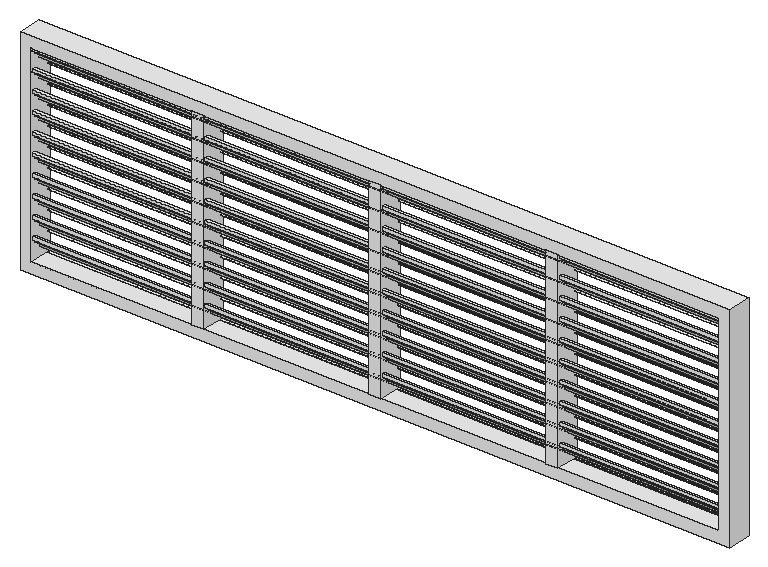
Revit family
Parameters (values of type "AG01 3000*900")
  폭 1 = Width - 90 mm  # 2910 mm
  그릴 두께 = 100 mm
  Grill Panel 갯수 = 10
  그릴 패널 = AG9 그릴 패널
  그릴 프레임 = AG9 그릴 프레임
  프레임 투영 외부. = 25 mm
  프레임 투영 내부. = 25 mm
  프레임 폭 = 75 mm
  Height = 900 mm
  Wall Closure = (empty or 0)
  Width = 3000 mm
  기본 씰 높이 = 0 mm
  Function = 0
  Assembly Code = ""
Reference planes
  plane 1: y = 0
  plane 2 "중심(왼쪽/오른쪽)": x = 0
  plane 3 "외부": y = 75
  plane 4 "내부": y = -75
  plane 5: y = -25
  plane 6: z = 0
  plane 7: z = 900
  plane 8: x = -1500
  plane 9: x = 1500
  plane 10: x = -1454.925
  plane 11: x = 1454.925
  plane 12: x = -25
  plane 13: x = 25
  plane 14: z = 854.925
  plane 15: z = 45
  plane 16: x = -750
  plane 17: x = 750
  plane 18: x = -725
  plane 19: x = -775
  plane 20: x = 775
  plane 21: x = 725
  plane 22: z = 0
  plane 23: y = 72
Forms (mm)
  Extrusion 1, solid, material "AG9 그릴 프레임" <- "그릴 프레임"
    sketch origin (0, 0, 0) x (1, 0, 0) y (0, 1, 0)
      loop
        line (-25, 75) -> (-25, -25) -> (25, -25) -> (25, 75) -> (-25, 75)
    from 45 to 854.925
  Extrusion 2, solid, material "AG9 그릴 프레임" <- "그릴 프레임"
    sketch origin (0, 0, 0) x (1, 0, 0) y (0, 1, 0)
      loop
        line (-775, 75) -> (-775, -25) -> (-725, -25) -> (-725, 75) -> (-775, 75)
      loop
        line (725, 75) -> (725, -25) -> (775, -25) -> (775, 75) -> (725, 75)
    from 45 to 854.925
  Extrusion 3, solid, material "AG9 그릴 프레임" <- "그릴 프레임"
    sketch origin (0, 75, 0) x (1, 0, 0) y (0, 0, 1)
      loop
        line (1500, 900) -> (-1500, 900) -> (-1500, 0) -> (1500, 0) -> (1500, 900)
      loop
        line (1454.925, 854.925) -> (-1454.925, 854.925) -> (-1454.925, 45) -> (1454.925, 45) -> (1454.925, 854.925)
    from 0 to 100
Lines and regions (mm)
  Opening 1
    outline origin (-5000, -75, 0) x (1, 0, 0) y (0, 0, 1)
      loop
        line (6500, 900) -> (3500, 900) -> (3500, 0) -> (6500, 0) -> (6500, 900)
Text (mm)
  text "외부" at (-2295.016, 1099.543, 0), in view "참조 레벨"
  text "외부" at (0, 1615.38, 3698.081), in view "왼쪽"
  text "외부" at (0, 1036.032, 3874.932), in view "오른쪽"
Dimensions and locks
  locked: plane 3 "외부" to host wall at 0
  locked: plane 4 "내부" to host wall
  host wall to host wall = 5000 mm
  "그릴 두께": plane 5 to plane 3 "외부"
  "Width": plane 8 to plane 9
  "Height": level to plane 7
  locked: plane 8 to plane 10 at 45.075
  locked: plane 11 to plane 9 at 45.075
  plane 12 to plane 2 "중심(왼쪽/오른쪽)" to plane 13 = 25 mm locked, 25 mm locked
  locked: plane 14 to plane 7 at 45.075
  equal spacing: plane 8, plane 16, plane 2 "중심(왼쪽/오른쪽)", plane 17, plane 9
  plane 19 to plane 16 to plane 18 = 25 mm locked, 25 mm locked
  plane 21 to plane 17 to plane 20 = 25 mm locked, 25 mm locked
  locked: plane 22 to plane 15 at 45
  "기본 씰 높이": plane 6 to plane 22
  locked: host wall to plane 23 at 3
  equal spacing: group 1, group 3, group 4, group 5, group 6, group 7, group 8, group 9, group 10, group 2  (x2)
  equal spacing: group 2, group 10, group 9, group 8, group 7, group 6, group 5, group 4, group 3, group 1
  aligned and locked: plane 1 to host wall
  aligned and locked: plane 9 to Opening 1 sketch curve
  aligned and locked: plane 7 to Opening 1 sketch curve
  aligned and locked: plane 6 to Opening 1 sketch curve
  aligned and locked: Opening 1 sketch curve to plane 8
  aligned and locked: plane 12 to Extrusion 1 sketch curve
  aligned and locked: plane 3 "외부" to Extrusion 1 sketch curve
  aligned and locked: plane 5 to Extrusion 1 sketch curve
  aligned and locked: Extrusion 1 sketch curve to plane 13
  aligned and locked: plane 14 to Extrusion 1
  aligned and locked: Extrusion 1 to plane 15
  aligned and locked: plane 19 to Extrusion 2 sketch curve
  aligned and locked: plane 3 "외부" to Extrusion 2 sketch curve  (x2)
  aligned and locked: plane 5 to Extrusion 2 sketch curve
  aligned and locked: plane 18 to Extrusion 2 sketch curve
  aligned and locked: plane 21 to Extrusion 2 sketch curve
  aligned and locked: plane 20 to Extrusion 2 sketch curve
  aligned and locked: Extrusion 3 sketch curve to plane 7
  aligned and locked: Extrusion 3 sketch curve to plane 9
  aligned and locked: plane 22 to Extrusion 3 sketch curve
  aligned and locked: plane 8 to Extrusion 3 sketch curve
  aligned and locked: plane 11 to Extrusion 3 sketch curve
  aligned and locked: plane 14 to Extrusion 3 sketch curve
  aligned and locked: plane 15 to Extrusion 3 sketch curve
  aligned and locked: plane 10 to Extrusion 3 sketch curve
  aligned and locked: Extrusion 2 to plane 15
  aligned and locked: Extrusion 3 to plane 3 "외부"
  aligned and locked: plane 5 to Extrusion 3
  aligned and locked: plane 14 to Extrusion 2
  aligned and locked: Extrusion 2 to Extrusion 3
  aligned and locked: nested 1 to Extrusion 3
  aligned and locked: nested 1 to plane 23
  aligned and locked: nested 2 to plane 23
  aligned and locked: nested 2 to Extrusion 3
Automatic sketch dimensions
  Extrusion 2 sketch curve to plane 5 = 0 mm
Nested families
  nested 1: "셔터 블레이드" at (0, -21.656, 854.925), type "셔터 블레이드"
    with 폭 2910 mm
  nested 2: "셔터 블레이드" at (0, -21.656, 140.158), type "셔터 블레이드"
    with 폭 2910 mm
  nested 3: "셔터 블레이드" at (0, -21.656, 775.507), type "셔터 블레이드"
    with 폭 2910 mm
  nested 4: "셔터 블레이드" at (0, -21.656, 696.088), type "셔터 블레이드"
    with 폭 2910 mm
  nested 5: "셔터 블레이드" at (0, -21.656, 616.669), type "셔터 블레이드"
    with 폭 2910 mm
  nested 6: "셔터 블레이드" at (0, -21.656, 537.251), type "셔터 블레이드"
    with 폭 2910 mm
  nested 7: "셔터 블레이드" at (0, -21.656, 457.832), type "셔터 블레이드"
    with 폭 2910 mm
  nested 8: "셔터 블레이드" at (0, -21.656, 378.414), type "셔터 블레이드"
    with 폭 2910 mm
  nested 9: "셔터 블레이드" at (0, -21.656, 298.995), type "셔터 블레이드"
    with 폭 2910 mm
  nested 10: "셔터 블레이드" at (0, -21.656, 219.577), type "셔터 블레이드"
    with 폭 2910 mm
Definition of nested family "셔터 블레이드"
  Parameters
    폭 = 1400 mm
    그릴 패널 = none
  Reference planes
    plane 1 "중심(앞/뒤)": y = 0
    plane 2: z = 0
    plane 3 "중심(왼쪽/오른쪽)": x = 0
    plane 4: x = -700
    plane 5: x = 700
  Forms (mm)
    Extrusion 1, solid, material <- "그릴 패널"
      sketch origin (-1827.286, -3.089, -2354.925) x (0, -1, 0) y (0, 0, 1)
        loop
          line (-15.61, 2354.925) -> (-15.61, 2352.922) -> (-5.092, 2352.922) -> (-5.092, 2343.354) -> (-60.985, 2311.084) -> (-59.983, 2309.349) -> (-52.711, 2313.548)
          arc (-52.711, 2313.548) -> (-43.568, 2311.098) -> (-46.018, 2301.955) r 6.693
          line (-46.018, 2301.955) -> (-71.766, 2287.09)
          arc (-71.766, 2287.09) -> (-71.967, 2288.591) -> (-72.782, 2289.867) r 3.506
          arc (-72.782, 2289.867) -> (-73.392, 2290.063) -> (-73.907, 2289.681) r 0.701
          arc (-73.907, 2289.681) -> (-74.029, 2289.222) -> (-73.83, 2288.79) r 0.701
          arc (-73.83, 2288.79) -> (-75.259, 2285.383) -> (-76.688, 2288.79) r 2.003
          arc (-76.688, 2288.79) -> (-76.489, 2289.222) -> (-76.611, 2289.681) r 0.701
          arc (-76.611, 2289.681) -> (-77.125, 2290.063) -> (-77.735, 2289.867) r 0.701
          arc (-77.735, 2289.867) -> (-78.713, 2286.783) -> (-76.749, 2284.213) r 3.506
          line (-76.749, 2284.213) -> (-96.745, 2272.494) -> (-96.745, 2259.767) -> (-84.224, 2259.767) -> (-84.224, 2261.77) -> (-94.741, 2261.77) -> (-94.741, 2271.338) -> (-45.016, 2300.22)
          arc (-45.016, 2300.22) -> (-40.804, 2309.286) -> (-47.903, 2316.324) r 8.697
          line (-47.903, 2316.324) -> (-28.368, 2327.602)
          arc (-28.368, 2327.602) -> (-28.167, 2326.101) -> (-27.352, 2324.824) r 3.506
          arc (-27.352, 2324.824) -> (-26.742, 2324.629) -> (-26.227, 2325.011) r 0.701
          arc (-26.227, 2325.011) -> (-26.105, 2325.47) -> (-26.304, 2325.901) r 0.701
          arc (-26.304, 2325.901) -> (-24.875, 2329.309) -> (-23.446, 2325.901) r 2.003
          arc (-23.446, 2325.901) -> (-23.645, 2325.47) -> (-23.523, 2325.011) r 0.701
          arc (-23.523, 2325.011) -> (-23.009, 2324.629) -> (-22.399, 2324.824) r 0.701
          arc (-22.399, 2324.824) -> (-21.421, 2327.908) -> (-23.385, 2330.479) r 3.506
          line (-23.385, 2330.479) -> (-3.089, 2342.197) -> (-3.089, 2354.925) -> (-15.61, 2354.925)
      from -1127.286 to -2527.286
  Dimensions and locks
    equal spacing: plane 4, plane 3 "중심(왼쪽/오른쪽)", plane 5
    "폭": plane 4 to plane 5
    aligned and locked: Extrusion 1 to plane 4
    aligned and locked: plane 5 to Extrusion 1
  Automatic sketch dimensions
    Extrusion 1 sketch curve to Extrusion 1 sketch curve = 0 mm  (x22)
    Extrusion 1 sketch curve to level = 0 mm
    Extrusion 1 sketch curve to plane 1 "중심(앞/뒤)" = 0 mm
    Extrusion 1 sketch curve to plane 1 "중심(앞/뒤)" = 2.003 mm
    Extrusion 1 sketch curve to level = 2.003 mm
    Extrusion 1 sketch curve to Extrusion 1 sketch curve = 10.517 mm  (x2)
    Extrusion 1 sketch curve to plane 1 "중심(앞/뒤)" = 19.31 mm
    Extrusion 1 sketch curve to Extrusion 1 sketch curve = 0.495 mm  (x4)
    Extrusion 1 sketch curve to Extrusion 1 sketch curve = 0.053 mm  (x4)
    Extrusion 1 sketch curve to Extrusion 1 sketch curve = 0.439 mm
    Extrusion 1 sketch curve to Extrusion 1 sketch curve = 0.5 mm  (x3)
    Extrusion 1 sketch curve to Extrusion 1 sketch curve = 0.629 mm  (x2)
    Extrusion 1 sketch curve to Extrusion 1 sketch curve = 1.429 mm  (x2)
    Extrusion 1 sketch curve to Extrusion 1 sketch curve = 1.352 mm  (x2)
    Extrusion 1 sketch curve to Extrusion 1 sketch curve = 0.076 mm  (x2)
    Extrusion 1 sketch curve to Extrusion 1 sketch curve = 2.065 mm
    Extrusion 1 sketch curve to Extrusion 1 sketch curve = 17.665 mm
    Extrusion 1 sketch curve to Extrusion 1 sketch curve = 1.002 mm  (x2)
    Extrusion 1 sketch curve to Extrusion 1 sketch curve = 1.885 mm
    Extrusion 1 sketch curve to Extrusion 1 sketch curve = 3.347 mm
    Extrusion 1 sketch curve to Extrusion 1 sketch curve = 4.809 mm
    Extrusion 1 sketch curve to Extrusion 1 sketch curve = 7.272 mm
    Extrusion 1 sketch curve to level = 43.841 mm
    Extrusion 1 sketch curve to Extrusion 1 sketch curve = 11.782 mm
    Extrusion 1 sketch curve to Extrusion 1 sketch curve = 1.017 mm
    Extrusion 1 sketch curve to Extrusion 1 sketch curve = 1.49 mm
    Extrusion 1 sketch curve to Extrusion 1 sketch curve = 0.576 mm
    Extrusion 1 sketch curve to Extrusion 1 sketch curve = 7.475 mm
    Extrusion 1 sketch curve to Extrusion 1 sketch curve = 2.003 mm  (x2)
    Extrusion 1 sketch curve to Extrusion 1 sketch curve = 1.735 mm  (x2)
    Extrusion 1 sketch curve to Extrusion 1 sketch curve = 5.796 mm
    Extrusion 1 sketch curve to Extrusion 1 sketch curve = 19.482 mm
    Extrusion 1 sketch curve to Extrusion 1 sketch curve = 0.186 mm  (x2)
    Extrusion 1 sketch curve to Extrusion 1 sketch curve = 11.718 mm
    Extrusion 1 sketch curve to Extrusion 1 sketch curve = 1.157 mm  (x2)
    Extrusion 1 sketch curve to Extrusion 1 sketch curve = 9.568 mm
    Extrusion 1 sketch curve to Extrusion 1 sketch curve = 18.53 mm
